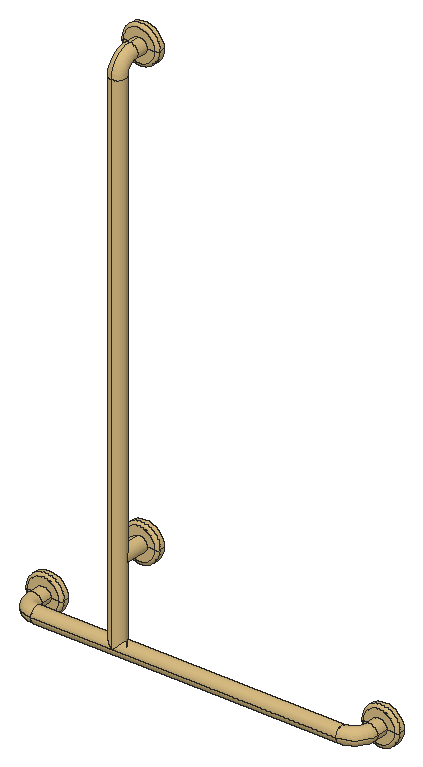
Revit family "RBA4805-711", category Plumbing Fixtures, Revit 2021
Family settings
  Round Connector Dimension = Use Diameter
  Part Type = Normal
  Work Plane-Based = No
  Always vertical = No
  Cut with Voids When Loaded = No
  Shared = No
  Room Calculation Point = No
Parameters (values of type "RBA4805-711-LH")
  Watermarked By = "www.rba.com.au"
  URL = "www.rba.com.au"
  Right Hand Rail = no
  Phone Number = "1300 788 778"
  OFFSET [instance] = 800 mm
  Modified Issue = "20161215.01"
  Model = "RBA4801-711-RH"
  Materials and Finishes = Brushed Brass
  Manufacturer = "RBA Group"
  Left Hand Rail = yes
  Horizontal Rail = yes
  Diameter = 32 mm
  Description = "RTA SSS T-Rail Right Hand"
  Default Elevation = 0 mm
  Copyright by = "RBA Group"
Types (3, lengths in mm): name | Right Hand Rail | Left Hand Rail
  (no name) | no | yes
  RBA4805-711-LH | no | yes
  RBA4805-711-RH | yes | no
Reference planes
  plane 1 "Center (Front/Back)": y = 0
  plane 2: z = 0
  plane 3 "Center (Left/Right)": x = 0
  plane 4: z = 800
  plane 5: x = -500
  plane 6: x = 175
  plane 7: x = -16
  plane 8: x = 16
Forms (mm)
  Sweep 1, solid, material "Brushed Brass" <- "Materials and Finishes", visible <- "Horizontal Rail"
    path origin (0, 0, 0) x (-1, 0, 0) y (0, -1, 0)
      loop
        line (-187.5, 10) -> (-187.5, 39)
        arc (-187.5, 39) -> (-178.127, 61.627) -> (-155.5, 71) r 32
        line (-155.5, 71) -> (480.5, 71)
        arc (480.5, 71) -> (503.127, 61.627) -> (512.5, 39) r 32
        line (512.5, 39) -> (512.5, 10)
    profile origin (187.5, -24.5, 0) x (1, 0, 0) y (0, 0, 1)
      loop
        circle (0, 784) r 16
  Revolve 2, solid, material "Brushed Brass" <- "Materials and Finishes", visible <- "Horizontal Rail"
    sketch origin (12.98, 0, 784) x (-1, 0, 0) y (0, -1, 0)
      loop
        line (-175, 0) -> (-175, 15) -> (-208.179, 15)
        arc (-208.179, 15) -> (-212.295, 13.295) -> (-214, 9.179) r 5.821
        line (-214, 9.179) -> (-214, 0) -> (-175, 0)
      axis (-175, 15) -> (-175, 0)
    angle from 0 to 360
  Extrusion 3, solid, material "Brushed Brass" <- "Materials and Finishes", visible <- "Horizontal Rail"
    sketch origin (100.48, 0, 0) x (-1, 0, 0) y (0, 0, -1)
      loop
        circle (-87.5, -784) r 37.5
    from 0 to 10
  Extrusion 4, solid, material "Brushed Brass" <- "Materials and Finishes", visible <- "Horizontal Rail"
    sketch origin (-599.52, 0, 0) x (-1, 0, 0) y (0, 0, -1)
      loop
        circle (-87.5, -784) r 37.5
    from 0 to 10
  Extrusion 5, solid, material "Brushed Brass" <- "Materials and Finishes", visible <- "Left Hand Rail"
    sketch origin (-399.52, 0, 1096) x (-1, 0, 0) y (0, 0, -1)
      loop
        circle (-87.5, -784) r 37.5
    from 0 to 10
  Extrusion 6, void
    sketch origin (12.98, 0, 1100) x (-1, 0, 0) y (0, 0, -1)
      loop
        circle (-151.428, 301.836) r 5
      loop
        circle (-151.428, 330.164) r 5
      loop
        circle (-198.572, 301.836) r 5
      loop
        circle (-174.52, 343.496) r 5
      loop
        circle (-198.572, 330.164) r 5
    from 0 to 10
  Extrusion 7, void
    sketch origin (-687.02, 0, 1100) x (-1, 0, 0) y (0, 0, -1)
      loop
        circle (-151.428, 301.836) r 5
      loop
        circle (-151.428, 330.164) r 5
      loop
        circle (-198.572, 301.836) r 5
      loop
        circle (-174.52, 343.496) r 5
      loop
        circle (-198.572, 330.164) r 5
    from 0 to 10
  Revolve 8, solid, material "Brushed Brass" <- "Materials and Finishes", visible <- "Horizontal Rail"
    sketch origin (-687.02, 0, 784) x (-1, 0, 0) y (0, -1, 0)
      loop
        line (-175, 0) -> (-175, 15) -> (-208.179, 15)
        arc (-208.179, 15) -> (-212.295, 13.295) -> (-214, 9.179) r 5.821
        line (-214, 9.179) -> (-214, 0) -> (-175, 0)
      axis (-175, 15) -> (-175, 0)
    angle from 0 to 360
  Extrusion 9, solid, material "Brushed Brass" <- "Materials and Finishes", visible <- "Left Hand Rail"
    sketch origin (-399.52, 0, 166) x (-1, 0, 0) y (0, 0, -1)
      loop
        circle (-87.5, -784) r 37.5
    from 0 to 10
  Revolve 10, solid, material "Brushed Brass" <- "Materials and Finishes", visible <- "Left Hand Rail"
    sketch origin (-487.02, 0, 949.868) x (-1, 0, 0) y (0, -1, 0)
      loop
        line (-175, 0) -> (-175, 15) -> (-208.179, 15)
        arc (-208.179, 15) -> (-212.295, 13.295) -> (-214, 9.179) r 5.821
        line (-214, 9.179) -> (-214, 0) -> (-175, 0)
      axis (-175, 15) -> (-175, 0)
    angle from 0 to 360
  Extrusion 11, void
    sketch origin (-158, 0, 0) x (1, 0, 0) y (0, 0, 1)
      loop
        circle (-177.592, 964.164) r 5
      loop
        circle (-177.592, 935.836) r 5
      loop
        circle (-130.448, 964.164) r 5
      loop
        circle (-154.5, 922.504) r 5
      loop
        circle (-130.448, 935.836) r 5
    from 0 to 10
  Sweep 12, solid, material "Brushed Brass" <- "Materials and Finishes", visible <- "Left Hand Rail"
    path origin (-312.5, 0, 0) x (0, 1, 0) y (0, 0, -1)
      loop
        line (-10, -1880) -> (-39, -1880)
        arc (-39, -1880) -> (-61.627, -1870.627) -> (-71, -1848) r 32
        line (-71, -1848) -> (-71, -784)
    profile origin (-312.5, -24.5, 1880) x (0, 0, 1) y (-1, 0, 0)
      loop
        circle (0, 0) r 16
  Sweep 13, solid, material "Brushed Brass" <- "Materials and Finishes", visible <- "Left Hand Rail"
    path origin (-312.5, 0, 360) x (0, 1, 0) y (0, 0, -1)
      loop
        line (-71, -590) -> (-10, -590)
    profile origin (-312.5, -40.5, 950) x (0, 0, -1) y (-1, 0, 0)
      loop
        circle (0, 0) r 16
  Revolve 14, solid, material "Brushed Brass" <- "Materials and Finishes", visible <- "Left Hand Rail"
    sketch origin (-487.02, 0, 1880) x (-1, 0, 0) y (0, -1, 0)
      loop
        line (-175, 0) -> (-175, 15) -> (-208.179, 15)
        arc (-208.179, 15) -> (-212.295, 13.295) -> (-214, 9.179) r 5.821
        line (-214, 9.179) -> (-214, 0) -> (-175, 0)
      axis (-175, 15) -> (-175, 0)
    angle from 0 to 360
  Extrusion 15, void
    sketch origin (0, 0, 0) x (1, 0, 0) y (0, 0, 1)
      loop
        circle (-335.592, 1894.164) r 5
      loop
        circle (-335.592, 1865.836) r 5
      loop
        circle (-288.448, 1894.164) r 5
      loop
        circle (-312.5, 1852.504) r 5
      loop
        circle (-288.448, 1865.836) r 5
    from 0 to 10
  Extrusion 16, solid, material "Brushed Brass" <- "Materials and Finishes", visible <- "Right Hand Rail"
    sketch origin (-99.52, 0, 1096) x (-1, 0, 0) y (0, 0, -1)
      loop
        circle (-87.5, -784) r 37.5
    from 0 to 10
  Extrusion 17, solid, material "Brushed Brass" <- "Materials and Finishes", visible <- "Right Hand Rail"
    sketch origin (-99.52, 0, 166) x (-1, 0, 0) y (0, 0, -1)
      loop
        circle (-87.5, -784) r 37.5
    from 0 to 10
  Revolve 18, solid, material "Brushed Brass" <- "Materials and Finishes", visible <- "Right Hand Rail"
    sketch origin (-187.02, 0, 949.868) x (-1, 0, 0) y (0, -1, 0)
      loop
        line (-175, 0) -> (-175, 15) -> (-208.179, 15)
        arc (-208.179, 15) -> (-212.295, 13.295) -> (-214, 9.179) r 5.821
        line (-214, 9.179) -> (-214, 0) -> (-175, 0)
      axis (-175, 15) -> (-175, 0)
    angle from 0 to 360
  Extrusion 19, void
    sketch origin (142, 0, 0) x (1, 0, 0) y (0, 0, 1)
      loop
        circle (-177.592, 964.164) r 5
      loop
        circle (-177.592, 935.836) r 5
      loop
        circle (-130.448, 964.164) r 5
      loop
        circle (-154.5, 922.504) r 5
      loop
        circle (-130.448, 935.836) r 5
    from 0 to 10
  Sweep 20, solid, material "Brushed Brass" <- "Materials and Finishes", visible <- "Right Hand Rail"
    path origin (-12.5, 0, 0) x (0, 1, 0) y (0, 0, -1)
      loop
        line (-10, -1880) -> (-39, -1880)
        arc (-39, -1880) -> (-61.627, -1870.627) -> (-71, -1848) r 32
        line (-71, -1848) -> (-71, -784)
    profile origin (-12.5, -24.5, 1880) x (0, 0, 1) y (-1, 0, 0)
      loop
        circle (0, 0) r 16
  Sweep 21, solid, material "Brushed Brass" <- "Materials and Finishes", visible <- "Right Hand Rail"
    path origin (-12.5, 0, 360) x (0, 1, 0) y (0, 0, -1)
      loop
        line (-71, -590) -> (-10, -590)
    profile origin (-12.5, -40.5, 950) x (0, 0, -1) y (-1, 0, 0)
      loop
        circle (0, 0) r 16
  Revolve 22, solid, material "Brushed Brass" <- "Materials and Finishes", visible <- "Right Hand Rail"
    sketch origin (-187.02, 0, 1880) x (-1, 0, 0) y (0, -1, 0)
      loop
        line (-175, 0) -> (-175, 15) -> (-208.179, 15)
        arc (-208.179, 15) -> (-212.295, 13.295) -> (-214, 9.179) r 5.821
        line (-214, 9.179) -> (-214, 0) -> (-175, 0)
      axis (-175, 15) -> (-175, 0)
    angle from 0 to 360
  Extrusion 23, void
    sketch origin (300, 0, 0) x (1, 0, 0) y (0, 0, 1)
      loop
        circle (-335.592, 1894.164) r 5
      loop
        circle (-335.592, 1865.836) r 5
      loop
        circle (-288.448, 1894.164) r 5
      loop
        circle (-312.5, 1852.504) r 5
      loop
        circle (-288.448, 1865.836) r 5
    from 0 to 10
Cuts and joins
  Extrusion 6 cuts Extrusion 3
  Extrusion 7 cuts Extrusion 4
  Extrusion 6 cuts Revolve 2
  Extrusion 7 cuts Revolve 8
  joined: Sweep 1, Revolve 2, Revolve 8
  Extrusion 11, Extrusion 19 cuts Extrusion 9
  Extrusion 11, Extrusion 19 cuts Revolve 10
  Extrusion 15, Extrusion 23 cuts Extrusion 5
  Extrusion 15, Extrusion 23 cuts Revolve 14
  Extrusion 19 cuts Extrusion 17
  Extrusion 19 cuts Revolve 18
  Extrusion 23 cuts Extrusion 16
  Extrusion 23 cuts Revolve 22
Dimensions and locks
  "OFFSET": plane 4 to level
  aligned and locked: level to plane 2
Automatic sketch dimensions
  plane 1 "Center (Front/Back)" to Sweep 1 sketch curve = 39 mm  (x2)
  plane 3 "Center (Left/Right)" to Sweep 1 sketch curve = 187.5 mm
  Sweep 1 sketch curve to Sweep 1 sketch curve = 32 mm
  Sweep 1 sketch curve to Sweep 1 sketch curve = 636 mm
  plane 1 "Center (Front/Back)" to Sweep 1 sketch curve = 10 mm  (x2)
  profile plane to Sweep 1 sketch curve = 0 mm
  profile plane to Sweep 1 sketch curve = 784 mm
  plane 1 "Center (Front/Back)" to Revolve 2 sketch curve = 0 mm  (x2)
  plane 1 "Center (Front/Back)" to Revolve 2 sketch curve = 9.179 mm
  plane 3 "Center (Left/Right)" to Revolve 2 sketch curve = 226.98 mm
  Revolve 2 sketch curve to Revolve 2 sketch curve = 5.821 mm
  Revolve 2 sketch curve to Revolve 2 sketch curve = 33.179 mm
  Revolve 2 sketch curve to Revolve 2 sketch curve = 0 mm
  Revolve 2 sketch curve to plane 1 "Center (Front/Back)" = 10 mm
  Extrusion 3 sketch curve to plane 4 = 16 mm
  plane 3 "Center (Left/Right)" to Extrusion 3 sketch curve = 187.98 mm
  Extrusion 4 sketch curve to plane 4 = 16 mm
  Extrusion 4 sketch curve to plane 3 "Center (Left/Right)" = 512.02 mm
  Extrusion 5 sketch curve to plane 3 "Center (Left/Right)" = 312.02 mm
  plane 4 to Extrusion 5 sketch curve = 1080 mm
  Extrusion 6 sketch curve to plane 4 = 1.836 mm  (x2)
  plane 3 "Center (Left/Right)" to Extrusion 6 sketch curve = 211.552 mm
  Extrusion 6 sketch curve to Extrusion 6 sketch curve = 0 mm  (x2)
  Extrusion 6 sketch curve to Extrusion 6 sketch curve = 24.052 mm
  Extrusion 6 sketch curve to Extrusion 6 sketch curve = 23.092 mm
  Extrusion 6 sketch curve to Extrusion 6 sketch curve = 28.327 mm  (x2)
  Extrusion 6 sketch curve to Extrusion 6 sketch curve = 13.332 mm
  Extrusion 7 sketch curve to plane 4 = 1.836 mm  (x2)
  Extrusion 7 sketch curve to plane 3 "Center (Left/Right)" = 488.448 mm
  Extrusion 7 sketch curve to Extrusion 7 sketch curve = 0 mm  (x2)
  Extrusion 7 sketch curve to Extrusion 7 sketch curve = 24.052 mm
  Extrusion 7 sketch curve to Extrusion 7 sketch curve = 23.092 mm
  Extrusion 7 sketch curve to Extrusion 7 sketch curve = 28.327 mm  (x2)
  Extrusion 7 sketch curve to Extrusion 7 sketch curve = 13.332 mm
  plane 1 "Center (Front/Back)" to Revolve 8 sketch curve = 0 mm  (x2)
  plane 1 "Center (Front/Back)" to Revolve 8 sketch curve = 9.179 mm
  Revolve 8 sketch curve to plane 3 "Center (Left/Right)" = 473.02 mm
  Revolve 8 sketch curve to Revolve 8 sketch curve = 5.821 mm
  Revolve 8 sketch curve to Revolve 8 sketch curve = 33.179 mm
  Revolve 8 sketch curve to Revolve 8 sketch curve = 0 mm
  Revolve 8 sketch curve to plane 1 "Center (Front/Back)" = 10 mm
  Extrusion 9 sketch curve to plane 7 = 296.02 mm
  plane 4 to Extrusion 9 sketch curve = 150 mm
  plane 1 "Center (Front/Back)" to Revolve 10 sketch curve = 0 mm  (x2)
  plane 1 "Center (Front/Back)" to Revolve 10 sketch curve = 9.179 mm
  Revolve 10 sketch curve to plane 7 = 257.02 mm
  Revolve 10 sketch curve to Revolve 10 sketch curve = 5.821 mm
  Revolve 10 sketch curve to Revolve 10 sketch curve = 33.179 mm
  Revolve 10 sketch curve to Revolve 10 sketch curve = 0 mm
  Revolve 10 sketch curve to Revolve 10 sketch curve = 10 mm
  Extrusion 11 sketch curve to plane 7 = 319.592 mm
  Extrusion 11 sketch curve to Extrusion 11 sketch curve = 0 mm  (x2)
  Extrusion 11 sketch curve to Extrusion 11 sketch curve = 23.092 mm
  Extrusion 11 sketch curve to Extrusion 11 sketch curve = 24.052 mm
  plane 4 to Extrusion 11 sketch curve = 122.504 mm
  Extrusion 11 sketch curve to Extrusion 11 sketch curve = 13.332 mm  (x2)
  Extrusion 11 sketch curve to Extrusion 11 sketch curve = 28.327 mm  (x2)
  plane 1 "Center (Front/Back)" to Sweep 12 sketch curve = 71 mm
  Sweep 12 sketch curve to Sweep 12 sketch curve = 32 mm
  plane 4 to Sweep 12 sketch curve = 1080 mm
  plane 1 "Center (Front/Back)" to Sweep 12 sketch curve = 10 mm
  Sweep 12 sketch curve to plane 4 = 16 mm
  Sweep 12 sketch curve to profile plane = 0 mm
  profile plane to Sweep 12 sketch curve = 0 mm
  plane 1 "Center (Front/Back)" to Sweep 13 sketch curve = 71 mm
  plane 1 "Center (Front/Back)" to Sweep 13 sketch curve = 10 mm
  plane 4 to Sweep 13 sketch curve = 150 mm
  Sweep 13 sketch curve to profile plane = 0 mm
  profile plane to Sweep 13 sketch curve = 0 mm
  plane 1 "Center (Front/Back)" to Revolve 14 sketch curve = 0 mm  (x2)
  plane 1 "Center (Front/Back)" to Revolve 14 sketch curve = 9.179 mm
  plane 5 to Revolve 14 sketch curve = 226.98 mm
  Revolve 14 sketch curve to Revolve 14 sketch curve = 5.821 mm
  Revolve 14 sketch curve to Revolve 14 sketch curve = 33.179 mm
  Revolve 14 sketch curve to Revolve 14 sketch curve = 0 mm
  Revolve 14 sketch curve to Revolve 14 sketch curve = 10 mm
  plane 5 to Extrusion 15 sketch curve = 164.408 mm
  Extrusion 15 sketch curve to Extrusion 15 sketch curve = 0 mm  (x2)
  Extrusion 15 sketch curve to Extrusion 15 sketch curve = 23.092 mm
  Extrusion 15 sketch curve to Extrusion 15 sketch curve = 24.052 mm
  plane 4 to Extrusion 15 sketch curve = 1052.504 mm
  Extrusion 15 sketch curve to Extrusion 15 sketch curve = 13.332 mm  (x2)
  Extrusion 15 sketch curve to Extrusion 15 sketch curve = 28.327 mm  (x2)
  plane 7 to Extrusion 16 sketch curve = 3.98 mm
  plane 4 to Extrusion 16 sketch curve = 1080 mm
  plane 7 to Extrusion 17 sketch curve = 3.98 mm
  plane 4 to Extrusion 17 sketch curve = 150 mm
  plane 1 "Center (Front/Back)" to Revolve 18 sketch curve = 0 mm  (x2)
  Revolve 18 sketch curve to plane 8 = 10.98 mm
  Revolve 18 sketch curve to plane 8 = 5.159 mm
  plane 7 to Revolve 18 sketch curve = 3.98 mm
  plane 1 "Center (Front/Back)" to Revolve 18 sketch curve = 9.179 mm
  Revolve 18 sketch curve to Revolve 18 sketch curve = 0 mm
  Revolve 18 sketch curve to Revolve 18 sketch curve = 10 mm
  Extrusion 19 sketch curve to plane 7 = 19.592 mm  (x2)
  plane 7 to Extrusion 19 sketch curve = 3.5 mm
  plane 8 to Extrusion 19 sketch curve = 4.448 mm  (x2)
  plane 4 to Extrusion 19 sketch curve = 122.504 mm
  Extrusion 19 sketch curve to Extrusion 19 sketch curve = 13.332 mm  (x2)
  Extrusion 19 sketch curve to Extrusion 19 sketch curve = 28.327 mm  (x2)
  plane 1 "Center (Front/Back)" to Sweep 20 sketch curve = 71 mm
  Sweep 20 sketch curve to Sweep 20 sketch curve = 32 mm
  plane 4 to Sweep 20 sketch curve = 1080 mm
  plane 1 "Center (Front/Back)" to Sweep 20 sketch curve = 10 mm
  Sweep 20 sketch curve to plane 4 = 16 mm
  Sweep 20 sketch curve to profile plane = 0 mm
  profile plane to Sweep 20 sketch curve = 0 mm
  plane 1 "Center (Front/Back)" to Sweep 21 sketch curve = 71 mm
  plane 1 "Center (Front/Back)" to Sweep 21 sketch curve = 10 mm
  plane 4 to Sweep 21 sketch curve = 150 mm
  Sweep 21 sketch curve to profile plane = 0 mm
  profile plane to Sweep 21 sketch curve = 0 mm
  plane 1 "Center (Front/Back)" to Revolve 22 sketch curve = 0 mm  (x2)
  Revolve 22 sketch curve to plane 8 = 10.98 mm
  Revolve 22 sketch curve to plane 8 = 5.159 mm
  plane 7 to Revolve 22 sketch curve = 3.98 mm
  plane 1 "Center (Front/Back)" to Revolve 22 sketch curve = 9.179 mm
  Revolve 22 sketch curve to Revolve 22 sketch curve = 0 mm
  Revolve 22 sketch curve to plane 1 "Center (Front/Back)" = 10 mm
  Extrusion 23 sketch curve to plane 7 = 19.592 mm  (x2)
  plane 7 to Extrusion 23 sketch curve = 3.5 mm
  plane 8 to Extrusion 23 sketch curve = 4.448 mm  (x2)
  plane 4 to Extrusion 23 sketch curve = 1052.504 mm
  Extrusion 23 sketch curve to Extrusion 23 sketch curve = 13.332 mm  (x2)
  Extrusion 23 sketch curve to Extrusion 23 sketch curve = 28.327 mm  (x2)
  radius of Sweep 1 sketch curve = 16 mm
  radius of Extrusion 3 sketch curve = 37.5 mm
  radius of Extrusion 4 sketch curve = 37.5 mm
  radius of Extrusion 5 sketch curve = 37.5 mm
  radius of Extrusion 6 sketch curve = 5 mm  (x5)
  radius of Extrusion 7 sketch curve = 5 mm  (x5)
  radius of Extrusion 9 sketch curve = 37.5 mm
  radius of Extrusion 11 sketch curve = 5 mm  (x5)
  radius of Sweep 12 sketch curve = 16 mm
  radius of Sweep 13 sketch curve = 16 mm
  radius of Extrusion 15 sketch curve = 5 mm  (x5)
  radius of Extrusion 16 sketch curve = 37.5 mm
  radius of Extrusion 17 sketch curve = 37.5 mm
  radius of Extrusion 19 sketch curve = 5 mm  (x5)
  radius of Sweep 20 sketch curve = 16 mm
  radius of Sweep 21 sketch curve = 16 mm
  radius of Extrusion 23 sketch curve = 5 mm  (x5)
